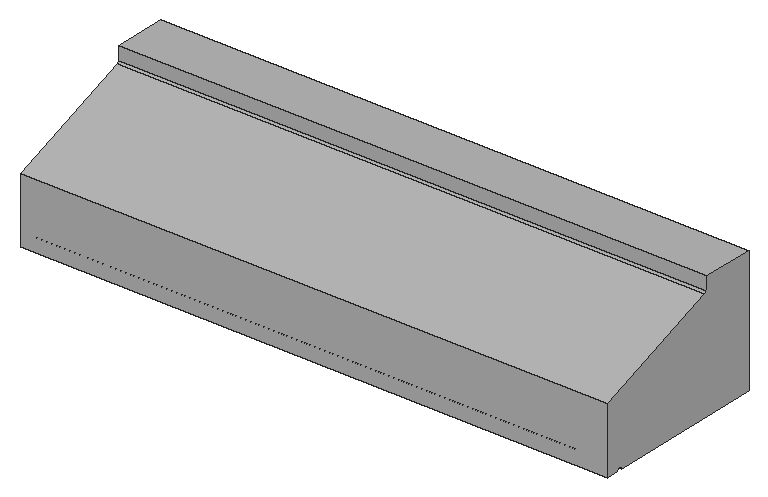
Revit family "K-Sill -S102", category Generic Models, Revit 2020
Family settings
  Can host rebar = No
  Round Connector Dimension = Use Diameter
  Part Type = Normal
  Work Plane-Based = No
  Always vertical = Yes
  Cut with Voids When Loaded = No
  Shared = No
  Room Calculation Point = No
Parameters
  Width of Seating = 90 mm
  Weight = "120Kg/m"
  Warranty Guarantor Parts = "n/a"
  Warranty Guarantor Labour = "n/a"
  Warranty Duration Unit = "n/a"
  Warranty Duration Parts = "n/a"
  Warranty Duration Labour = "n/a"
  Warranty Description = "n/a"
  URL = "www.killeshal.com"
  Types = "Single"
  Type Comments = "Visit our website for a full list of available products."
  Sustainability Performance = "n/a"
  Structural Class = "n/a"
  Span = "Ope Size + 205mm overhang."
  Slope = "0.00°"
  Size = "300mm x 215 to 100mm"
  Sill Width [instance] = 300 mm
  Sill Length [instance] = 1002 mm
  Sill Height [instance] = 215 mm
  Shape = "As per drawing"
  Service Life = "0.000000"
  Serial Number = "n/a"
  Resistance to Fire = "n/a"
  Replacement Cost = "n/a"
  Reference = "n/a"
  Notified Body = "n/a"
  Nominal Cover to Main Bar = "n/a"
  Model = "S/102 Sill"
  Mechanical Resistance = "n/a"
  Manufacturer = "Killeshal Precast Concrete Ltd."
  Load Bearing = no
  Life Cycle Environmental Load = "n/a"
  Length Options = "All sizes made to order."
  Keynote = "The information contained is the sole property of KPC Ltd., any reproduction in part or whole without permission of KPC Ltd. is prohibited."
  Front Face Dimension = 100 mm
  Environmental Product Declaration = "n/a"
  Environmental Class = "n/a"
  Durability against Corrosion = "n/a"
  Distance from Face to Seating = 210 mm
  Dimension Accuracy Class = "n/a"
  Detailing = "As per design specification and product drawings."
  Description = "Type K-Sill"
  Default Elevation = 0 mm
  Dangerous Substances = "n/a"
  Contact Tel = "0035357 9353018"
  Contact Email = "sales@killeshal.com"
  Construction Type = "Precast"
  Construction Tolerance Class = "n/a"
  Compressive Strength of Concrete = "n/a"
  Characteristics of Reinforcing Steel = "n/a"
  Characteristics Deflection Under Load = "n/a"
Reference planes
  plane 1 "Center (Front/Back)": y = 0
  plane 2: z = 0
  plane 3 "Center (Left/Right)": x = 0
  plane 4 "Rear": y = 150
  plane 5 "Front": y = -150
  plane 6 "Top": z = 215
  plane 7 "Center L/T": z = 100
  plane 8 "Center L/U": y = 60.5
  plane 9 "Center L/V": z = 190
Forms (mm)
  Extrusion 1, solid, material "Precast Concrete (KPC)"
    sketch origin (0, 0, 0) x (0, 1, 0) y (0, 0, 1)
      loop
        line (150, 0) -> (150, 215) -> (60.5, 215) -> (60.5, 192.808)
        arc (60.5, 192.808) -> (59.784, 190.524) -> (57.892, 189.058) r 4
        line (57.892, 189.058) -> (-150, 111.88) -> (-150, 0) -> (-130, 0)
        arc (-130, 0) -> (-125, 5) -> (-120, 0) r 5
        line (-120, 0) -> (150, 0)
    from 0 to 1002
Dimensions and locks
  "Sill Length": Extrusion 1 to Extrusion 1
  "Sill Width": Extrusion 1 to Extrusion 1
  Extrusion 1 to plane 7 "Center L/T" = 100 mm
  plane 4 "Rear" to plane 8 "Center L/U" = 89.5 mm
  "Sill Height": Extrusion 1 to Extrusion 1
  plane 6 "Top" to plane 9 "Center L/V" = 25 mm
  plane 9 "Center L/V" to plane 7 "Center L/T" = 90 mm
  aligned and locked: level to plane 2
Automatic sketch dimensions
  Extrusion 1 sketch curve to level = 0 mm
  Extrusion 1 sketch curve to plane 5 "Front" = 0 mm
  Extrusion 1 sketch curve to plane 8 "Center L/U" = 0 mm
  Extrusion 1 sketch curve to plane 4 "Rear" = 0 mm
  Extrusion 1 sketch curve to plane 6 "Top" = 0 mm
  plane 5 "Front" to Extrusion 1 sketch curve = 20 mm
  Extrusion 1 sketch curve to Extrusion 1 sketch curve = 5 mm
  Extrusion 1 sketch curve to plane 8 "Center L/U" = 4 mm
  Extrusion 1 sketch curve to plane 9 "Center L/V" = 0.942 mm
  Extrusion 1 sketch curve to plane 8 "Center L/U" = 2.608 mm
  plane 7 "Center L/T" to Extrusion 1 sketch curve = 11.88 mm
